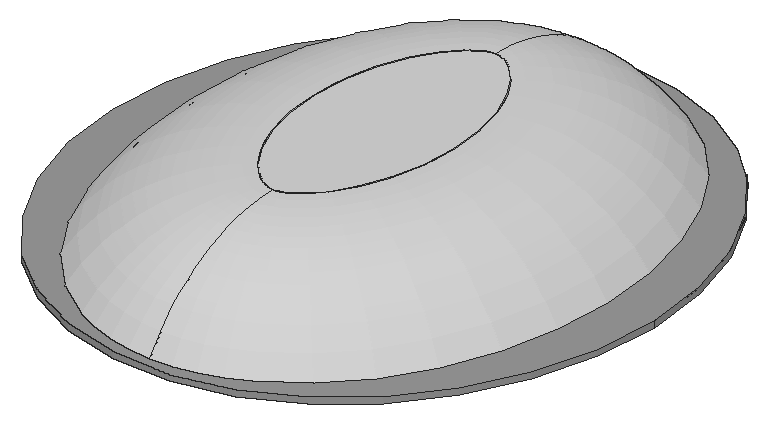
Revit family "4054980 Lighting Fixture_Sylvania_Brio IP65VR LED_Wall Surface", category Lighting Fixtures, host Face, Revit 2017
Family settings
  Host = Face
  Round Connector Dimension = Use Diameter
  Part Type = Normal
  OmniClass Number = 23.80.70.11.17
  OmniClass Title = Specialized Lighting by Location or Use
  Cut with Voids When Loaded = No
  Light Source = Yes
  Shared = No
  Room Calculation Point = No
Parameters (values of type "BRIO IP65VR LED 4000K")
  Width = 350.0 mm
  Weight = 3.00 kg  # constant formula
  Wattage = 22.0225 W
  built-in parameter 1150110 = 1 (stored number, unit not read)
  Voltage Comments = "UNV (Universal Voltage; 220-240 Volt)"  # constant formula
  Voltage = 230 V  # constant formula
  URL = "https://www.sylvania-lighting.com/"
  built-in parameter 1114217 = 1 (stored number, unit not read)
  Tilt Angle = -90.00°  # constant formula
  built-in parameter 1150109 = 1 (stored number, unit not read)
  built-in parameter 1150134 = 12
  built-in parameter 1150113 = 1 (stored number, unit not read)
  Product Page URL = "https://www.sylvania-lighting.com/product/en-int/products/4054980"
  Product Family = "BRIO IP65 Vandal Resistant LED"  # constant formula
  Photometry Comments = ""
  Photometric Web File = "4054956_BRIOIP65LED4000K700mABlack-131366.ies"
  built-in parameter 1150105 = 109.18 (stored number, unit not read)
  Lumens = 1372 lm
  built-in parameter 1150115 = 1 (stored number, unit not read)
  built-in parameter 1150137 = (empty or 0)
  built-in parameter 1150139 = (empty or 0)
  Life = "50 000h"  # constant formula
  Length = 395.0 mm
  built-in parameter 1150112 = 1 (stored number, unit not read)
  built-in parameter 1150114 = 1 (stored number, unit not read)
  Lamp Comments = "Integrated LED"
  LOR = "44 %"  # constant formula
  built-in parameter 1150132 = 2
  built-in parameter 1150102 = (empty or 0)
  built-in parameter 1150107 = 4000 (stored number, unit not read)
  built-in parameter 1150138 = (empty or 0)
  built-in parameter 1150106 = 1.0918 (stored number, unit not read)
  IK Rating = "IK10"  # constant formula
  built-in parameter 1150104 = 5.7879 (stored number, unit not read)
  Drive Current = "350mA or 700mA"  # constant formula
  Dimming Lamp Color Temperature Shift = <None>
  Color Filter = 16777215
  Body Material = Aluminum_Sylvania_Brio IP65 LED_Black
  built-in parameter 1114218 = 1 (stored number, unit not read)
  built-in parameter 1150133 = 10 (stored number, unit not read)
  IP Rating = "IP65"  # constant formula
  built-in parameter 1114216 [instance] = 1 (stored number, unit not read)
  Model = "4054956 BRIO IP65VR LED 4000K"
  Manufacturer = "Feilo-Sylvania Group"
  Lamp = "Brio LED 4000K"
  Diffuser Material = Polycarbonate_Sylvania_Brio IP65 LED_Opal
  Description = "Significant energy savings compared to traditional CFL and 2D fixtures. Excellent flashing provides perfect homogenous light distribution. Unique feature allowing a choice between High Output or High efficiency with the flick of a switch. 50,000 hours life, providing a maintenance free lighting solution. Attractive, tough IK10 impact resistant construction. 104-119mm discrete profile. Aesthetically pleasing designs. IP65 water jet proof. Option to add microwave sensor for maximum energy savings"  # constant formula
  Default Elevation = 0.0 mm
  built-in parameter 1140040 [instance] = 1
  Assembly Code = "D5020200"
  Apparent Load Comments = ""
  Apparent Load = 22 VA
Reference planes
  plane 1 "Center (Front/Back)": y = 0
  plane 2 "Fixture Top": z = 0
  plane 3 "Center (Left/Right)": x = -40
  plane 4 "Fixture Back": y = 197.5
  plane 5 "Fixture Front": y = -197.5
  plane 6 "Diffuser Plane": z = 4
  plane 7 "Light Source Plane": z = 58
  plane 8: z = 56
  plane 9: y = 190
  plane 10: y = -190
  plane 11 "Fixture Left": x = -215
  plane 12 "Fixture Right": x = 135
  plane 13: x = 105
  plane 14: x = -185
  plane 15: y = 90
  plane 16: y = -90
  plane 17: x = 5
  plane 18: x = -85
Forms (mm)
  Sweep 1, solid, material "Polycarbonate_Sylvania_Brio IP65 LED_Opal" <- "Diffuser Material"
    path origin (0, 0, 4) x (-1, 0, 0) y (0, -1, 0)
      loop
        spline (40, -190) -> (77.529, -183.526) -> (112.5, -164.545) -> (142.53, -134.35) -> (165.574, -95) -> (180.059, -49.176) -> (185, 0) -> (180.059, 49.176) -> (165.574, 95) -> (142.53, 134.35) -> (112.5, 164.545) -> (77.529, 183.526) -> (40, 190)
        spline (40, 190) -> (2.471, 183.526) -> (-32.5, 164.545) -> (-62.53, 134.35) -> (-85.574, 95) -> (-100.059, 49.176) -> (-105, 0) -> (-100.059, -49.176) -> (-85.574, -95) -> (-62.53, -134.35) -> (-32.5, -164.545) -> (2.471, -183.526) -> (40, -190)
    profile origin (105, 0, 4) x (1, 0, 0) y (0, 0, 1)
      loop
        arc (-100, 52) -> (-44.706, 38.189) -> (-2.401, 0) r 117.593
        line (-2.401, 0) -> (0, 0)
        arc (0, 0) -> (-43.176, 39.638) -> (-100, 54) r 119.593
        line (-100, 54) -> (-100, 52)
  Extrusion 2, solid, material "Polycarbonate_Sylvania_Brio IP65 LED_Opal" <- "Diffuser Material"
    sketch origin (0, 0, 0) x (1, 0, 0) y (0, 1, 0)
      loop
        spline (-40, 90) -> (-44.405, 89.172) -> (-52.17, 84.793) -> (-63.035, 73.683) -> (-74.062, 54.679) -> (-82.086, 29.141) -> (-85, 0) -> (-82.086, -29.141) -> (-74.062, -54.679) -> (-63.035, -73.683) -> (-52.17, -84.793) -> (-44.405, -89.172) -> (-40, -90)
        spline (-40, -90) -> (-35.595, -89.172) -> (-27.83, -84.793) -> (-16.965, -73.683) -> (-5.938, -54.679) -> (2.086, -29.141) -> (5, 0) -> (2.086, 29.141) -> (-5.938, 54.679) -> (-16.965, 73.683) -> (-27.83, 84.793) -> (-35.595, 89.172) -> (-40, 90)
    from 56 to 58
  Extrusion 3, solid, material "Aluminum_Sylvania_Brio IP65 LED_Black" <- "Body Material"
    sketch origin (0, 0, 0) x (1, 0, 0) y (0, 1, 0)
      loop
        spline (135, 0) -> (129.037, 51.117) -> (111.554, 98.75) -> (83.744, 139.654) -> (47.5, 171.04) -> (5.293, 190.77) -> (-40, 197.5) -> (-85.293, 190.77) -> (-127.5, 171.04) -> (-163.744, 139.654) -> (-191.554, 98.75) -> (-209.037, 51.117) -> (-215, 0)
        spline (-215, 0) -> (-209.037, -51.117) -> (-191.554, -98.75) -> (-163.744, -139.654) -> (-127.5, -171.04) -> (-85.293, -190.77) -> (-40, -197.5) -> (5.293, -190.77) -> (47.5, -171.04) -> (83.744, -139.654) -> (111.554, -98.75) -> (129.037, -51.117) -> (135, 0)
    from 0 to 4
Lines and regions (mm)
  model lines
    curve 1: line (-85, 0, 58) -> (5, 0, 58)
    curve 2: line (5, 0, 58) -> (-85, 0, 58)
Dimensions and locks
  equal spacing: plane 4 "Fixture Back", plane 1 "Center (Front/Back)", plane 5 "Fixture Front"
  "Length": plane 4 "Fixture Back" to plane 5 "Fixture Front"
  locked: plane 6 "Diffuser Plane" to plane 2 "Fixture Top" at 4
  locked: plane 8 to plane 6 "Diffuser Plane" at 52
  locked: plane 7 "Light Source Plane" to plane 8 at 2
  locked: plane 4 "Fixture Back" to plane 9 at 7.5
  locked: plane 10 to plane 5 "Fixture Front" at 7.5
  equal spacing: plane 11 "Fixture Left", plane 3 "Center (Left/Right)", plane 12 "Fixture Right"
  "Width": plane 11 "Fixture Left" to plane 12 "Fixture Right"
  locked: plane 13 to plane 12 "Fixture Right" at 30
  locked: plane 11 "Fixture Left" to plane 14 at 30
  locked: plane 11 "Fixture Left" to plane 18 at 130
  locked: plane 4 "Fixture Back" to plane 15 at 107.5
  locked: plane 16 to plane 5 "Fixture Front" at 107.5
  locked: plane 17 to plane 12 "Fixture Right" at 130
  aligned and locked: host face to plane 2 "Fixture Top"
  aligned and locked: host face to level
  aligned and locked: Extrusion 2 to plane 8
  aligned and locked: Extrusion 3 to plane 2 "Fixture Top"
  aligned and locked: plane 6 "Diffuser Plane" to Extrusion 3
  aligned and locked: plane 3 "Center (Left/Right)" to Sweep 1 sketch curve  (x2)
  aligned and locked: plane 9 to Sweep 1 sketch curve
  aligned and locked: plane 3 "Center (Left/Right)" to Extrusion 2 sketch curve  (x2)
  aligned and locked: plane 15 to Extrusion 2 sketch curve
  aligned and locked: plane 16 to Extrusion 2 sketch curve
  aligned and locked: imposter light to plane 3 "Center (Left/Right)"
  aligned and locked: imposter light to plane 1 "Center (Front/Back)"
  aligned and locked: plane 7 "Light Source Plane" to imposter light
Automatic sketch dimensions
  host sketch curve to host sketch curve = 1004.319 mm
  host sketch curve to host sketch curve = 1058.005 mm
  plane 1 "Center (Front/Back)" to curve 1 = 0.0 mm
  plane 1 "Center (Front/Back)" to curve 2 = 0.0 mm
  plane 3 "Center (Left/Right)" to curve 1 = 45.0 mm
  curve 2 to curve 1 = 0.0 mm
  curve 2 to plane 3 "Center (Left/Right)" = 45.0 mm
  curve 1 to curve 2 = 0.0 mm
  Sweep 1 sketch curve to Sweep 1 sketch curve = 0.0 mm  (x2)
  Sweep 1 sketch curve to plane 6 "Diffuser Plane" = 0.0 mm
  profile plane to Sweep 1 sketch curve = 0.0 mm
  plane 6 "Diffuser Plane" to Sweep 1 sketch curve = 52.0 mm
  Sweep 1 sketch curve to Sweep 1 sketch curve = 2.401 mm
  profile plane to Sweep 1 sketch curve = 100.0 mm
  plane 1 "Center (Front/Back)" to Sweep 1 sketch curve = 0.0 mm
  Sweep 1 sketch curve to plane 13 = 0.0 mm
  Sweep 1 sketch curve to plane 14 = 0.0 mm
  Extrusion 2 sketch curve to plane 3 "Center (Left/Right)" = 0.0 mm
  plane 16 to Extrusion 2 sketch curve = 0.0 mm
  Extrusion 2 sketch curve to plane 15 = 0.0 mm
  plane 1 "Center (Front/Back)" to Extrusion 3 sketch curve = 0.0 mm
  Extrusion 3 sketch curve to plane 3 "Center (Left/Right)" = 0.0 mm
  Extrusion 3 sketch curve to plane 12 "Fixture Right" = 0.0 mm
Connectors
  electrical at (-40, 0, 0), driven by "Voltage", driven by "Apparent Load"
    settings: on Extrusion 3, index 1, voltage 230 V, apparent load 0 VA, apparent load phase1 22 VA, apparent load phase2 0 VA, apparent load phase3 0 VA, power factor 1, load classification "Lighting", number of poles 1, system type 31, power factor state 1, is connector primary yes, connector utility no, sub classification motor no, connector description ""
